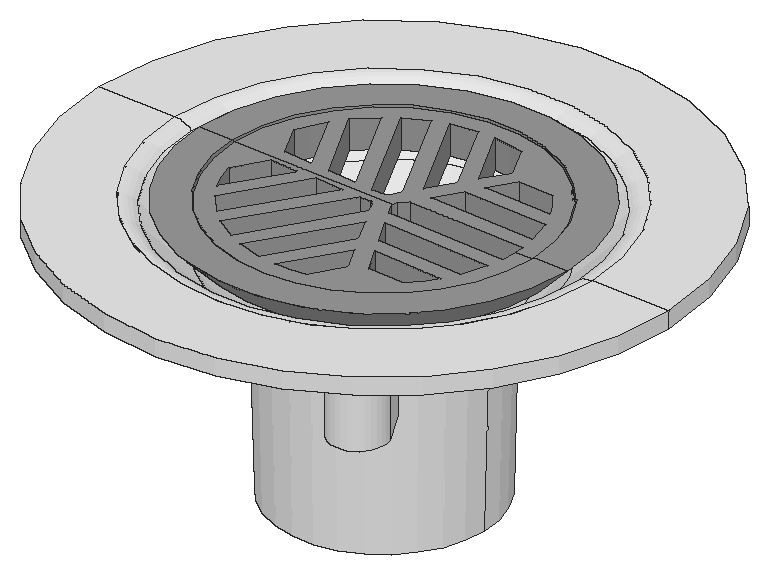
Revit family "3100.177.1 Deck Drain Bottom Exit 65x65", category Plumbing Fixtures, Revit 2020
Family settings
  Round Connector Dimension = Use Diameter
  Part Type = Normal
  Work Plane-Based = No
  Always vertical = Yes
  Cut with Voids When Loaded = No
  Shared = No
  Room Calculation Point = No
Parameters (values of type "3100.177.1 65x65")
  Waste Connection = yes
  Vent Connection = no
  URL = "www.aquaknight.co.nz"
  Phone = "+6498322214"  # constant formula
  Model = "3100.177.1"
  Manufacturer = "Aquanight Industries Ltd"  # constant formula
  HW Connection = no
  Email = "info@aquaknight.co.nz"  # constant formula
  Description = "Deck Drain Bottom Exit 65mm Inlet w 65mm Outlet Small Flange"
  Default Elevation = 0 mm
  CW Connection = no
Reference planes
  plane 1 "Center (Front/Back)": y = 0
  plane 2: z = 0
  plane 3 "Center (Left/Right)": x = 0
Forms (mm)
  Revolve 1, solid, material "PVC-Piping"
    sketch origin (-2.137, 0, 1.044) x (1, 0, 0) y (0, 0, 1)
      loop
        line (-43.862, -16.044) -> (-56.813, -3.094)
        arc (-56.813, -3.094) -> (-59.084, -1.577) -> (-61.762, -1.044) r 7
        line (-61.762, -1.044) -> (-85.105, -1.044) -> (-85.105, -6.044) -> (-61.762, -6.044)
        arc (-61.762, -6.044) -> (-60.997, -6.196) -> (-60.348, -6.629) r 2
        line (-60.348, -6.629) -> (-29.907, -37.067) -> (-28.863, -81.165) -> (-24.362, -81.165) -> (-25.317, -40.847) -> (-43.862, -16.044)
      axis (2.137, -1.044) -> (2.137, -81.165)
    angle from 0 to 360
  Revolve 2, solid, material "Steel, Chrome Plated"
    sketch origin (0, 0, 1.044) x (1, 0, 0) y (0, 0, 1)
      loop
        line (-47.063, -10.231) -> (0, -10.231) -> (0, -1.526) -> (-45.659, -1.526) -> (-45.659, -3.082) -> (-46.144, -5.338) -> (-46.144, -1.044) -> (-56.25, -1.044) -> (-47.063, -10.231)
      axis (0, -1.044) -> (0, -10.231)
    angle from 0 to 360
  Extrusion 3, void
    sketch origin (0, 0, 5.044) x (0, 1, 0) y (-1, 0, 0)
      loop
        line (3.297, 24.564) -> (21.722, 34.182)
        arc (21.722, 34.182) -> (17.633, 36.46) -> (13.309, 38.251) r 40.5
        line (13.309, 38.251) -> (3.665, 33.216) -> (3.297, 24.564)
      loop
        line (25.788, 31.228) -> (3.076, 19.372) -> (2.708, 10.72) -> (31.332, 25.662)
        arc (31.332, 25.662) -> (28.695, 28.58) -> (25.788, 31.228) r 40.5
      loop
        line (34.013, 21.985) -> (2.487, 5.528) -> (2.355, 2.432)
        arc (2.355, 2.432) -> (2.607, 1.372) -> (3.377, 0.601) r 2
        line (3.377, 0.601) -> (6.214, -0.987) -> (37.484, 15.337)
        arc (37.484, 15.337) -> (35.903, 18.742) -> (34.013, 21.985) r 40.5
      loop
        line (38.968, 11.035) -> (10.599, -3.773) -> (17.909, -8.418) -> (40.365, 3.304)
        arc (40.365, 3.304) -> (39.854, 7.204) -> (38.968, 11.035) r 40.5
      loop
        line (40.463, -1.721) -> (22.294, -11.205) -> (29.603, -15.85) -> (38.992, -10.949)
        arc (38.992, -10.949) -> (39.995, -6.378) -> (40.463, -1.721) r 40.5
      loop
        line (-1.575, 24.734) -> (-1.339, 33.391) -> (-10.608, 39.086)
        arc (-10.608, 39.086) -> (-15.047, 37.601) -> (-19.285, 35.614) r 40.5
        line (-19.285, 35.614) -> (-1.575, 24.734)
      loop
        arc (-23.547, 32.951) -> (-26.632, 30.512) -> (-29.466, 27.785) r 40.5
        line (-29.466, 27.785) -> (-1.954, 10.883) -> (-1.717, 19.54) -> (-23.547, 32.951)
      loop
        arc (-32.397, 24.304) -> (-34.508, 21.2) -> (-36.323, 17.914) r 40.5
        line (-36.323, 17.914) -> (-6.267, -0.551) -> (-3.327, 0.835)
        arc (-3.327, 0.835) -> (-2.505, 1.55) -> (-2.18, 2.59) r 2
        line (-2.18, 2.59) -> (-2.095, 5.689) -> (-32.397, 24.304)
      loop
        arc (-38.103, 13.726) -> (-39.255, 9.966) -> (-40.036, 6.112) r 40.5
        line (-40.036, 6.112) -> (-18.452, -7.149) -> (-10.837, -3.025) -> (-38.103, 13.726)
      loop
        arc (-40.485, 1.106) -> (-40.342, -3.572) -> (-39.661, -8.203) r 40.5
        line (-39.661, -8.203) -> (-30.637, -13.747) -> (-23.021, -9.623) -> (-40.485, 1.106)
      loop
        line (-20.633, -13.731) -> (-28.248, -17.855) -> (-28.545, -28.73)
        arc (-28.545, -28.73) -> (-25.04, -31.832) -> (-21.2, -34.508) r 40.5
        line (-21.2, -34.508) -> (-20.633, -13.731)
      loop
        arc (-16.763, -36.868) -> (-13.108, -38.32) -> (-9.33, -39.411) r 40.5
        line (-9.33, -39.411) -> (-8.448, -7.133) -> (-16.063, -11.257) -> (-16.763, -36.868)
      loop
        arc (-4.85, -40.209) -> (-1.106, -40.485) -> (2.647, -40.413) r 40.5
        line (2.647, -40.413) -> (3.611, -5.152) -> (0.94, -3.299)
        arc (0.94, -3.299) -> (-0.09, -2.945) -> (-1.153, -3.183) r 2
        line (-1.153, -3.183) -> (-3.879, -4.659) -> (-4.85, -40.209)
      loop
        arc (7.164, -39.861) -> (10.996, -38.979) -> (14.725, -37.728) r 40.5
        line (14.725, -37.728) -> (15.417, -12.406) -> (8.038, -7.872) -> (7.164, -39.861)
      loop
        arc (19.285, -35.614) -> (23.265, -33.151) -> (26.934, -30.246) r 40.5
        line (26.934, -30.246) -> (27.223, -19.659) -> (19.844, -15.126) -> (19.285, -35.614)
    from -20.5 to 49.173
  Extrusion 4, solid, material "PVC-Piping", detail levels fine
    sketch origin (-29.061, -17.5, 4) x (-0.866025, -0.5, 0) y (0.5, -0.866025, 0)
      loop
        arc (-2.412, -28.053) -> (8.517, -25.124) -> (5.588, -14.196) r 8
        line (5.588, -14.196) -> (-8.039, -6.328) -> (-16.039, -20.185) -> (-2.412, -28.053)
      loop
        arc (-73.423, -14.196) -> (-76.351, -25.124) -> (-65.423, -28.053) r 8
        line (-65.423, -28.053) -> (-51.796, -20.185) -> (-59.796, -6.328) -> (-73.423, -14.196)
      loop
        line (-41.917, 40.374) -> (-41.917, 24.638) -> (-25.917, 24.638) -> (-25.917, 40.374)
        arc (-25.917, 40.374) -> (-33.917, 48.374) -> (-41.917, 40.374) r 8
    from -46 to -19
Cuts and joins
  Extrusion 3 cuts Revolve 2
Lines and regions (mm)
  Masking region 1
    outline origin (0, 0, 0) x (0, 1, 0) y (-1, 0, 0)
      loop
        circle (0, 0) r 87.243
  symbolic lines, detail levels fine
    curve 1: circle (0, 79.617, 0) r 4.48 normal (0, 0, 1)
    curve 2: circle (68.95, -39.808, 0) r 4.48 normal (0, 0, 1)
    curve 3: circle (-68.95, -39.808, 0) r 4.48 normal (0, 0, 1)
    curve 4: circle (0, 79.617, 0) r 4.48 normal (0, 0, 1)
    curve 8: circle (0, 0, 0) r 40 normal (0, 0, 1)
    curve 9: circle (0, 0, 0) r 47.063 normal (0, 0, 1)
    curve 10: circle (0, 0, 0) r 56.25 normal (0, 0, 1)
  model lines, detail levels fine
    curve 5: circle (0, 79.617, 0) r 4.48 normal (0, 0, 1)
    curve 6: circle (68.95, -39.808, 0) r 4.48 normal (0, 0, 1)
    curve 7: circle (-68.95, -39.808, 0) r 4.48 normal (0, 0, 1)
Dimensions and locks
  aligned and locked: level to plane 2
  aligned and locked: Revolve 2 sketch curve to plane 3 "Center (Left/Right)"  (x2)
Connectors
  piping at (0, 0, -56.118), diameter 65
    settings: on Revolve 1, index 1, connector inside diameter 609.6 mm, connector length 0 mm, flow factor 0, pipe flow 0.0 L/s, pressure drop 0.0 Pa, fitting loss kfactor 0, connector angle 0.00°, fixture units 0, engagement length 0 mm, angle of deflection 0.00°, flow configuration 0, flow direction 0, fitting loss method 0, system type 28, joint type 0, gender type 0, connector reference index -1, connector utility 0, adjustable connector no, is connector primary yes, connector description ""
